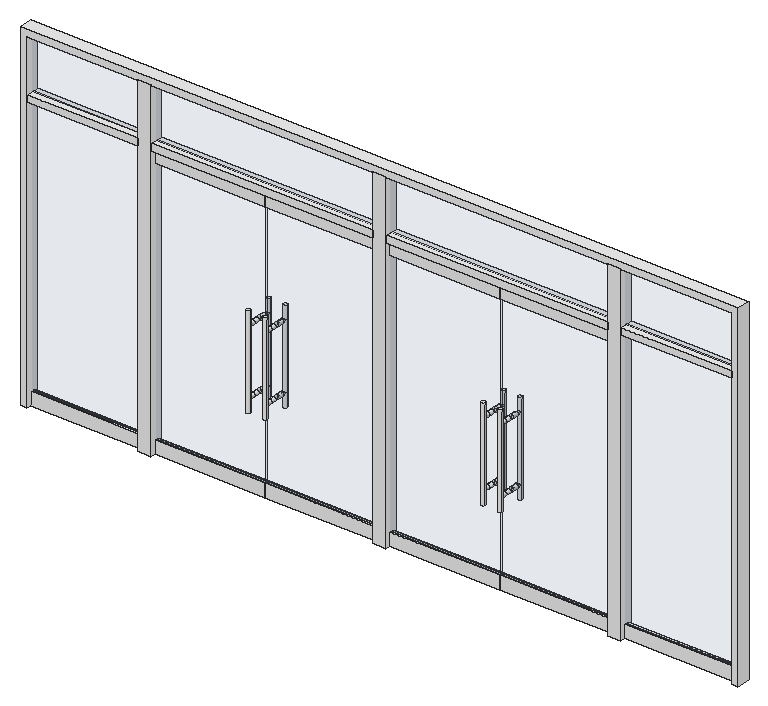
Revit family
Parameters
  프레임 투영 외부. = 25 mm
  프레임 투영 내부. = 25 mm
  프레임 폭 = 75 mm
  Height = 2600 mm
  Wall Closure = (empty or 0)
  Width = 5500 mm
  문 폭 = 1800 mm
  문 두께 = 100 mm
  문 패널 = SSD1 문 패널
  문 높이 = 2100 mm
  문 핸들 = 금속 - 크롬(2)
  문 프레임 = SSD1 문 프레임
Reference planes
  plane 1: y = 0
  plane 2 "중심(왼쪽/오른쪽)": x = 0
  plane 3 "왼쪽": x = -2750
  plane 4 "오른쪽": x = 2750
  plane 5: z = 2600
  plane 6 "외부": y = 75
  plane 7 "내부": y = -75
  plane 8: x = -1800
  plane 9: x = 1800
  plane 10: x = -2700
  plane 11: x = 2700
  plane 12: x = 1750
  plane 13: x = 1850
  plane 14: x = -1850
  plane 15: x = -1750
  plane 16: x = -50
  plane 17: x = 50
  plane 18: y = 50
  plane 19: y = -50
  plane 20: z = 2550
  plane 21: z = 2100
  plane 22: z = 2150
  plane 23: z = 2000
  plane 24: z = 100
  plane 25: y = 6
  plane 26: y = -6
  plane 27: y = 16
  plane 28: y = -16
  plane 29: x = -900
  plane 30: x = 900
  plane 31: x = -965
  plane 32: x = -835
  plane 33: x = 835
  plane 34: x = 965
  plane 35: z = 600
  plane 36: z = 1050
Forms (mm)
  Sweep 1, solid, material "SSD1 문 프레임" <- "문 프레임"
    path origin (0, 75, 0) x (1, 0, 0) y (0, 0, 1)
      loop
        line (2750, 0) -> (2750, 2600) -> (-2750, 2600) -> (-2750, 0)
    profile origin (2750, 75, 1300) x (-1, 0, 0) y (0, -1, 0)
      loop
        line (50, 25) -> (50, 125) -> (0, 125) -> (0, 25) -> (50, 25)
  Extrusion 2, solid, material "SSD1 문 프레임" <- "문 프레임"
    sketch origin (0, 0, 0) x (1, 0, 0) y (0, 1, 0)
      loop
        line (-1850, 50) -> (-1850, -50) -> (-1750, -50) -> (-1750, 50) -> (-1850, 50)
      loop
        line (-50, 50) -> (-50, -50) -> (50, -50) -> (50, 50) -> (-50, 50)
      loop
        line (1750, 50) -> (1750, -50) -> (1850, -50) -> (1850, 50) -> (1750, 50)
    from 0 to 2550
  Extrusion 3, solid, material "SSD1 문 패널" <- "문 패널"
    sketch origin (0, 0, 0) x (1, 0, 0) y (0, 1, 0)
      loop
        line (-2700, 6) -> (-2700, -6) -> (-1850, -6) -> (-1850, 6) -> (-2700, 6)
      loop
        line (1850, 6) -> (1850, -6) -> (2700, -6) -> (2700, 6) -> (1850, 6)
    from 0 to 2100
  Extrusion 4, solid, material "SSD1 문 패널" <- "문 패널"
    sketch origin (0, 0, 0) x (1, 0, 0) y (0, 1, 0)
      loop
        line (-1750, 6) -> (-1750, -6) -> (-900, -6) -> (-900, 6) -> (-1750, 6)
    from 0 to 2100
  Extrusion 5, solid, material "SSD1 문 패널" <- "문 패널"
    sketch origin (0, 0, 0) x (1, 0, 0) y (0, 1, 0)
      loop
        line (-900, 6) -> (-900, -6) -> (-50, -6) -> (-50, 6) -> (-900, 6)
    from 0 to 2100
  Extrusion 6, solid, material "SSD1 문 패널" <- "문 패널"
    sketch origin (0, 0, 0) x (1, 0, 0) y (0, 1, 0)
      loop
        line (50, 6) -> (50, -6) -> (900, -6) -> (900, 6) -> (50, 6)
    from 0 to 2100
  Extrusion 7, solid, material "SSD1 문 패널" <- "문 패널"
    sketch origin (0, 0, 0) x (1, 0, 0) y (0, 1, 0)
      loop
        line (900, 6) -> (900, -6) -> (1750, -6) -> (1750, 6) -> (900, 6)
    from 0 to 2100
  Extrusion 8, solid, material "SSD1 문 프레임" <- "문 프레임"
    sketch origin (0, 0, 0) x (1, 0, 0) y (0, 1, 0)
      loop
        line (-2700, 6) -> (-1850, 6) -> (-1850, 16) -> (-2700, 16) -> (-2700, 6)
      loop
        line (-2700, -16) -> (-1850, -16) -> (-1850, -6) -> (-2700, -6) -> (-2700, -16)
      loop
        line (1850, 6) -> (2700, 6) -> (2700, 16) -> (1850, 16) -> (1850, 6)
      loop
        line (1850, -16) -> (2700, -16) -> (2700, -6) -> (1850, -6) -> (1850, -16)
    from 0 to 100
  Extrusion 9, solid, material "SSD1 문 프레임" <- "문 프레임"
    sketch origin (0, 0, 0) x (1, 0, 0) y (0, 1, 0)
      loop
        line (-1750, -16) -> (-900, -16) -> (-900, -6) -> (-1750, -6) -> (-1750, -16)
      loop
        line (-1750, 6) -> (-900, 6) -> (-900, 16) -> (-1750, 16) -> (-1750, 6)
    from 0 to 100
  Extrusion 10, solid, material "SSD1 문 프레임" <- "문 프레임"
    sketch origin (0, 0, 0) x (1, 0, 0) y (0, 1, 0)
      loop
        line (-900, -16) -> (-50, -16) -> (-50, -6) -> (-900, -6) -> (-900, -16)
      loop
        line (-900, 6) -> (-50, 6) -> (-50, 16) -> (-900, 16) -> (-900, 6)
    from 0 to 100
  Extrusion 11, solid, material "SSD1 문 프레임" <- "문 프레임"
    sketch origin (0, 0, 0) x (1, 0, 0) y (0, 1, 0)
      loop
        line (50, -16) -> (900, -16) -> (900, -6) -> (50, -6) -> (50, -16)
      loop
        line (50, 6) -> (900, 6) -> (900, 16) -> (50, 16) -> (50, 6)
    from 0 to 100
  Extrusion 12, solid, material "SSD1 문 프레임" <- "문 프레임"
    sketch origin (0, 0, 0) x (1, 0, 0) y (0, 1, 0)
      loop
        line (900, -16) -> (1750, -16) -> (1750, -6) -> (900, -6) -> (900, -16)
      loop
        line (900, 6) -> (1750, 6) -> (1750, 16) -> (900, 16) -> (900, 6)
    from 0 to 100
  Extrusion 13, solid, material "SSD1 문 프레임" <- "문 프레임"
    sketch origin (-2581.693, 300, 2000) x (0, 1, 0) y (1, 0, 0)
      loop
        line (-294, 831.693) -> (-284, 831.693) -> (-284, 1681.693) -> (-294, 1681.693) -> (-294, 831.693)
      loop
        line (-316, 831.693) -> (-306, 831.693) -> (-306, 1681.693) -> (-316, 1681.693) -> (-316, 831.693)
    from 0 to -100
  Extrusion 14, solid, material "SSD1 문 프레임" <- "문 프레임"
    sketch origin (-2581.693, 300, 2000) x (0, 1, 0) y (1, 0, 0)
      loop
        line (-294, 1681.693) -> (-284, 1681.693) -> (-284, 2531.693) -> (-294, 2531.693) -> (-294, 1681.693)
      loop
        line (-316, 1681.693) -> (-306, 1681.693) -> (-306, 2531.693) -> (-316, 2531.693) -> (-316, 1681.693)
    from 0 to -100
  Extrusion 15, solid, material "SSD1 문 프레임" <- "문 프레임"
    sketch origin (-2581.693, 300, 2000) x (0, 1, 0) y (1, 0, 0)
      loop
        line (-294, 2631.693) -> (-284, 2631.693) -> (-284, 3481.693) -> (-294, 3481.693) -> (-294, 2631.693)
      loop
        line (-316, 2631.693) -> (-306, 2631.693) -> (-306, 3481.693) -> (-316, 3481.693) -> (-316, 2631.693)
    from 0 to -100
  Extrusion 16, solid, material "SSD1 문 프레임" <- "문 프레임"
    sketch origin (-2581.693, 300, 2000) x (0, 1, 0) y (1, 0, 0)
      loop
        line (-294, 3481.693) -> (-284, 3481.693) -> (-284, 4331.693) -> (-294, 4331.693) -> (-294, 3481.693)
      loop
        line (-316, 3481.693) -> (-306, 3481.693) -> (-306, 4331.693) -> (-316, 4331.693) -> (-316, 3481.693)
    from 0 to -100
  Extrusion 17, solid, material "SSD1 문 패널" <- "문 패널"
    sketch origin (-2581.693, 300, 2100) x (0, 1, 0) y (1, 0, 0)
      loop
        line (-294, -118.307) -> (-294, 731.693) -> (-306, 731.693) -> (-306, -118.307) -> (-294, -118.307)
      loop
        line (-306, 4431.693) -> (-294, 4431.693) -> (-294, 5281.693) -> (-306, 5281.693) -> (-306, 4431.693)
    from -50 to -450
  Extrusion 18, solid, material "SSD1 문 패널" <- "문 패널"
    sketch origin (-2581.693, 300, 2100) x (0, 1, 0) y (1, 0, 0)
      loop
        line (-294, 831.693) -> (-294, 2531.693) -> (-306, 2531.693) -> (-306, 831.693) -> (-294, 831.693)
    from -50 to -450
  Extrusion 19, solid, material "SSD1 문 패널" <- "문 패널"
    sketch origin (-2581.693, 300, 2100) x (0, 1, 0) y (1, 0, 0)
      loop
        line (-294, 2631.693) -> (-294, 4331.693) -> (-306, 4331.693) -> (-306, 2631.693) -> (-294, 2631.693)
    from -50 to -450
  Extrusion 20, solid, material "SSD1 문 프레임" <- "문 프레임"
    sketch origin (-2581.693, 300, 2100) x (0, 1, 0) y (1, 0, 0)
      loop
        line (-250, -118.307) -> (-250, 731.693) -> (-350, 731.693) -> (-350, -118.307) -> (-250, -118.307)
      loop
        line (-350, 4431.693) -> (-250, 4431.693) -> (-250, 5281.693) -> (-350, 5281.693) -> (-350, 4431.693)
    from 0 to -50
  Extrusion 21, solid, material "SSD1 문 프레임" <- "문 프레임"
    sketch origin (-2581.693, 300, 2100) x (0, 1, 0) y (1, 0, 0)
      loop
        line (-250, 831.693) -> (-250, 2531.693) -> (-350, 2531.693) -> (-350, 831.693) -> (-250, 831.693)
      loop
        line (-350, 2631.693) -> (-250, 2631.693) -> (-250, 4331.693) -> (-350, 4331.693) -> (-350, 2631.693)
    from 0 to -50
Lines and regions (mm)
  Opening 1
    outline origin (-3050, -75, 0) x (1, 0, 0) y (0, 0, 1)
      loop
        line (300, 0) -> (5800, 0) -> (5800, 2600) -> (300, 2600) -> (300, 0)
  symbolic lines, style "평면 스윙"
    curve 1: line (-1750, 0, 2100) -> (-1750, 850, 2100)
    curve 2: line (-1750, 850, 2100) -> (-1718, 850, 2100)
    curve 3: line (-1718, 850, 2100) -> (-1718, 0, 2100)
    curve 4: line (-1750, 0, 2100) -> (-1750, -850, 2100)
    curve 5: line (-1750, -850, 2100) -> (-1718, -850, 2100)
    curve 6: line (-1718, -850, 2100) -> (-1718, 0, 2100)
    curve 7: line (-50, 0, 2100) -> (-50, 850, 2100)
    curve 8: line (-50, 850, 2100) -> (-82, 850, 2100)
    curve 9: line (-82, 850, 2100) -> (-82, 0, 2100)
    curve 10: line (-50, 0, 2100) -> (-50, -850, 2100)
    curve 11: line (-50, -850, 2100) -> (-82, -850, 2100)
    curve 12: line (-82, -850, 2100) -> (-82, 0, 2100)
    curve 13: arc (-1718, 850, 2100) -> (-1137.541, 590.004, 2100) -> (-900, 0, 2100) r 850
    curve 14: arc (-900, 0, 2100) -> (-662.459, 590.004, 2100) -> (-82, 850, 2100) r 850
    curve 15: arc (-1718, -850, 2100) -> (-1137.541, -590.004, 2100) -> (-900, 0, 2100) r 850
    curve 16: arc (-82, -850, 2100) -> (-662.459, -590.004, 2100) -> (-900, 0, 2100) r 850
    curve 17: line (50, 0, 2100) -> (50, 850, 2100)
    curve 18: line (50, 850, 2100) -> (82, 850, 2100)
    curve 19: line (82, 850, 2100) -> (82, 0, 2100)
    curve 20: line (82, 0, 2100) -> (82, -850, 2100)
    curve 21: line (82, -850, 2100) -> (50, -850, 2100)
    curve 22: line (50, -850, 2100) -> (50, 0, 2100)
    curve 23: line (1750, 0, 2100) -> (1750, 850, 2100)
    curve 24: line (1750, 850, 2100) -> (1718, 850, 2100)
    curve 25: line (1718, 850, 2100) -> (1718, 0, 2100)
    curve 26: line (1718, 0, 2100) -> (1718, -850, 2100)
    curve 27: line (1718, -850, 2100) -> (1750, -850, 2100)
    curve 28: line (1750, -850, 2100) -> (1750, 0, 2100)
    curve 29: arc (82, 850, 2100) -> (662.459, 590.004, 2100) -> (900, 0, 2100) r 850
    curve 30: arc (900, 0, 2100) -> (1137.541, 590.004, 2100) -> (1718, 850, 2100) r 850
    curve 31: arc (82, -850, 2100) -> (662.459, -590.004, 2100) -> (900, 0, 2100) r 850
    curve 32: arc (1718, -850, 2100) -> (1137.541, -590.004, 2100) -> (900, 0, 2100) r 850
  symbolic lines, style "입면도 스윙"
    curve 33: line (900, 75, 2100) -> (1750, 75, 1050)
    curve 34: line (1750, 75, 1050) -> (900, 75, 0)
    curve 35: line (900, 75, 0) -> (50, 75, 1050)
    curve 36: line (50, 75, 1050) -> (900, 75, 2100)
    curve 37: line (-900, 75, 2100) -> (-50, 75, 1050)
    curve 38: line (-50, 75, 1050) -> (-900, 75, 0)
    curve 39: line (-900, 75, 0) -> (-1750, 75, 1050)
    curve 40: line (-1750, 75, 1050) -> (-900, 75, 2100)
  symbolic lines
    curve 41: line (-2750, 50, 2100) -> (-1750, 50, 2100)
    curve 42: line (-2750, -50, 2100) -> (-2750, 50, 2100)
    curve 43: line (-1750, -50, 2100) -> (-2750, -50, 2100)
    curve 44: line (-1750, 50, 2100) -> (-1750, -50, 2100)
    curve 45: line (-2750, 0, 2100) -> (-1750, 0, 2100)
    curve 46: line (1750, 50, 2100) -> (2750, 50, 2100)
    curve 47: line (1750, -50, 2100) -> (1750, 50, 2100)
    curve 48: line (2750, -50, 2100) -> (1750, -50, 2100)
    curve 49: line (2750, 50, 2100) -> (2750, -50, 2100)
    curve 50: line (2750, 0, 2100) -> (1750, 0, 2100)
Text (mm)
  text "외부" at (-2295.016, 1099.543, 0), in view "참조 레벨"
  text "외부" at (0, 1615.38, 3698.081), in view "왼쪽"
  text "외부" at (0, 1036.032, 3874.932), in view "오른쪽"
Dimensions and locks
  equal spacing: plane 3 "왼쪽", plane 2 "중심(왼쪽/오른쪽)", plane 4 "오른쪽"
  "Width": plane 3 "왼쪽" to plane 4 "오른쪽"
  "Height": plane 5 to host wall
  "문 높이": host wall to plane 21
  host wall to plane 5 = 2600 mm
  locked: plane 6 "외부" to host wall at 0
  locked: plane 7 "내부" to host wall
  "문 폭": plane 8 to plane 2 "중심(왼쪽/오른쪽)"
  "문 폭": plane 2 "중심(왼쪽/오른쪽)" to plane 9
  locked: plane 3 "왼쪽" to plane 10 at 50
  plane 14 to plane 8 to plane 15 = 50 mm locked, 50 mm locked
  plane 16 to plane 2 "중심(왼쪽/오른쪽)" to plane 17 = 50 mm locked, 50 mm locked
  plane 12 to plane 9 to plane 13 = 50 mm locked, 50 mm locked
  locked: plane 11 to plane 4 "오른쪽" at 50
  locked: plane 20 to plane 5 at 50
  locked: plane 21 to plane 22 at 50
  locked: plane 23 to plane 21 at 100
  locked: level to plane 24 at 100
  plane 25 to host wall to plane 26 = 6 mm locked, 6 mm locked
  locked: plane 26 to plane 28 at 10
  locked: plane 27 to plane 25 at 10
  equal spacing: plane 15, plane 29, plane 16
  equal spacing: plane 17, plane 30, plane 12
  locked: Extrusion 8 to plane 35 at 600
  plane 31 to plane 29 to plane 32 = 65 mm locked, 65 mm locked
  plane 33 to plane 30 to plane 34 = 65 mm locked, 65 mm locked
  locked: curve 12 to curve 10 at 32
  locked: curve 22 to curve 20 at 32
  locked: curve 26 to curve 28 at 32
  locked: curve 4 to curve 6 at 32
  locked: level to plane 36 at 1050
  equal spacing: plane 7 "내부", plane 1, plane 6 "외부"
  equal spacing: plane 18, plane 1, plane 19
  "문 두께": plane 18 to plane 19
  aligned and locked: plane 3 "왼쪽" to Opening 1 sketch curve
  aligned and locked: plane 5 to Opening 1 sketch curve  (x2)
  aligned and locked: Opening 1 sketch curve to plane 4 "오른쪽"
  aligned and locked: Opening 1 sketch curve to level
  aligned and locked: host wall to plane 1
  aligned and locked: Sweep 1 sketch curve to plane 3 "왼쪽"
  aligned and locked: plane 5 to Sweep 1 sketch curve
  aligned and locked: plane 4 "오른쪽" to Sweep 1 sketch curve
  aligned and locked: plane 11 to Sweep 1 sketch curve
  aligned and locked: host wall to Sweep 1 sketch curve
  aligned and locked: Sweep 1 sketch curve to plane 18
  aligned and locked: plane 19 to Sweep 1 sketch curve
  aligned and locked: plane 14 to Extrusion 2 sketch curve
  aligned and locked: Extrusion 2 sketch curve to plane 18  (x3)
  aligned and locked: plane 19 to Extrusion 2 sketch curve  (x3)
  aligned and locked: plane 15 to Extrusion 2 sketch curve
  aligned and locked: plane 16 to Extrusion 2 sketch curve
  aligned and locked: Extrusion 2 sketch curve to plane 17
  aligned and locked: plane 12 to Extrusion 2 sketch curve
  aligned and locked: plane 13 to Extrusion 2 sketch curve
  aligned and locked: plane 20 to Sweep 1
  aligned and locked: Extrusion 2 to plane 20
  aligned and locked: plane 10 to Extrusion 3 sketch curve
  aligned and locked: Extrusion 3 sketch curve to plane 25  (x2)
  aligned and locked: plane 26 to Extrusion 3 sketch curve  (x2)
  aligned and locked: plane 14 to Extrusion 3 sketch curve
  aligned and locked: plane 13 to Extrusion 3 sketch curve
  aligned and locked: plane 11 to Extrusion 3 sketch curve
  aligned and locked: plane 15 to Extrusion 4 sketch curve
  aligned and locked: Extrusion 4 sketch curve to plane 25
  aligned and locked: plane 26 to Extrusion 4 sketch curve
  aligned and locked: plane 29 to Extrusion 4 sketch curve
  aligned and locked: Extrusion 4 to Extrusion 5 sketch curve
  aligned and locked: Extrusion 5 sketch curve to Extrusion 4
  aligned and locked: plane 26 to Extrusion 5 sketch curve
  aligned and locked: Extrusion 5 sketch curve to plane 16
  aligned and locked: plane 17 to Extrusion 6 sketch curve
  aligned and locked: Extrusion 6 sketch curve to plane 25
  aligned and locked: plane 26 to Extrusion 6 sketch curve
  aligned and locked: Extrusion 6 sketch curve to plane 30
  aligned and locked: Extrusion 6 to Extrusion 7 sketch curve
  aligned and locked: Extrusion 7 sketch curve to Extrusion 6
  aligned and locked: plane 26 to Extrusion 7 sketch curve
  aligned and locked: plane 12 to Extrusion 7 sketch curve
  aligned and locked: Extrusion 8 sketch curve to Extrusion 3  (x6)
  aligned and locked: plane 27 to Extrusion 8 sketch curve  (x2)
  aligned and locked: Extrusion 8 sketch curve to plane 14
  aligned and locked: plane 10 to Extrusion 8 sketch curve
  aligned and locked: Extrusion 8 sketch curve to plane 28
  aligned and locked: Extrusion 3 to Extrusion 8 sketch curve  (x2)
  aligned and locked: Extrusion 8 sketch curve to plane 11
  aligned and locked: plane 13 to Extrusion 8 sketch curve
  aligned and locked: Extrusion 3 to plane 21
  aligned and locked: plane 24 to Extrusion 8
  aligned and locked: Extrusion 7 to plane 21
  aligned and locked: Extrusion 6 to plane 21
  aligned and locked: Extrusion 5 to plane 21
  aligned and locked: Extrusion 4 to plane 21
  aligned and locked: plane 15 to Extrusion 9 sketch curve
  aligned and locked: Extrusion 9 sketch curve to plane 28
  aligned and locked: Extrusion 4 to Extrusion 9 sketch curve
  aligned and locked: Extrusion 9 sketch curve to Extrusion 4  (x3)
  aligned and locked: plane 27 to Extrusion 9 sketch curve
  aligned and locked: Extrusion 9 sketch curve to plane 29
  aligned and locked: Extrusion 10 sketch curve to Extrusion 9
  aligned and locked: Extrusion 9 to Extrusion 10 sketch curve
  aligned and locked: Extrusion 5 to Extrusion 10 sketch curve
  aligned and locked: Extrusion 10 sketch curve to Extrusion 5  (x2)
  aligned and locked: Extrusion 4 to Extrusion 10 sketch curve
  aligned and locked: plane 27 to Extrusion 10 sketch curve
  aligned and locked: plane 16 to Extrusion 10 sketch curve
  aligned and locked: plane 17 to Extrusion 11 sketch curve
  aligned and locked: Extrusion 11 sketch curve to plane 28
  aligned and locked: Extrusion 11 sketch curve to Extrusion 7
  aligned and locked: Extrusion 11 sketch curve to Extrusion 6  (x3)
  aligned and locked: plane 27 to Extrusion 11 sketch curve
  aligned and locked: plane 30 to Extrusion 11 sketch curve
  aligned and locked: Extrusion 12 sketch curve to Extrusion 11
  aligned and locked: Extrusion 11 to Extrusion 12 sketch curve
  aligned and locked: Extrusion 7 to Extrusion 12 sketch curve
  aligned and locked: Extrusion 12 sketch curve to Extrusion 7
  aligned and locked: Extrusion 6 to Extrusion 12 sketch curve
  aligned and locked: Extrusion 12 sketch curve to Extrusion 6
  aligned and locked: plane 27 to Extrusion 12 sketch curve
  aligned and locked: Extrusion 12 sketch curve to plane 12
  aligned and locked: plane 24 to Extrusion 12
  aligned and locked: plane 24 to Extrusion 11
  aligned and locked: plane 24 to Extrusion 10
  aligned and locked: plane 24 to Extrusion 9
  aligned and locked: Extrusion 4 to Extrusion 13 sketch curve
  aligned and locked: Extrusion 13 sketch curve to Extrusion 4  (x2)
  aligned and locked: Extrusion 13 sketch curve to Extrusion 9  (x3)
  aligned and locked: Extrusion 9 to Extrusion 13 sketch curve
  aligned and locked: Extrusion 5 to Extrusion 13 sketch curve
  aligned and locked: Extrusion 14 sketch curve to Extrusion 4
  aligned and locked: Extrusion 4 to Extrusion 14 sketch curve
  aligned and locked: Extrusion 14 sketch curve to Extrusion 10  (x2)
  aligned and locked: Extrusion 14 sketch curve to Extrusion 9
  aligned and locked: Extrusion 9 to Extrusion 14 sketch curve
  aligned and locked: Extrusion 14 sketch curve to Extrusion 5  (x2)
  aligned and locked: Extrusion 6 to Extrusion 15 sketch curve
  aligned and locked: Extrusion 15 sketch curve to Extrusion 6  (x2)
  aligned and locked: Extrusion 15 sketch curve to Extrusion 11  (x3)
  aligned and locked: Extrusion 11 to Extrusion 15 sketch curve
  aligned and locked: Extrusion 7 to Extrusion 15 sketch curve
  aligned and locked: Extrusion 16 sketch curve to Extrusion 6
  aligned and locked: Extrusion 6 to Extrusion 16 sketch curve
  aligned and locked: Extrusion 16 sketch curve to Extrusion 12  (x3)
  aligned and locked: Extrusion 16 sketch curve to Extrusion 11
  aligned and locked: Extrusion 16 sketch curve to Extrusion 7  (x2)
  aligned and locked: Extrusion 16 to plane 21
  aligned and locked: Extrusion 15 to plane 21
  aligned and locked: Extrusion 14 to plane 21
  aligned and locked: Extrusion 13 to plane 21
  aligned and locked: Extrusion 3 to Extrusion 17 sketch curve  (x2)
  aligned and locked: Extrusion 17 sketch curve to Extrusion 3  (x5)
  aligned and locked: Extrusion 17 sketch curve to Extrusion 8
  aligned and locked: Extrusion 18 sketch curve to Extrusion 4
  aligned and locked: Extrusion 18 sketch curve to Extrusion 3
  aligned and locked: Extrusion 18 sketch curve to plane 15
  aligned and locked: Extrusion 6 to Extrusion 19 sketch curve
  aligned and locked: Extrusion 19 sketch curve to Extrusion 7
  aligned and locked: Extrusion 19 sketch curve to Extrusion 12
  aligned and locked: Extrusion 17 to Sweep 1
  aligned and locked: plane 22 to Extrusion 17
  aligned and locked: Extrusion 19 to Sweep 1
  aligned and locked: plane 22 to Extrusion 19
  aligned and locked: Extrusion 18 to Sweep 1
  aligned and locked: plane 22 to Extrusion 18
  aligned and locked: Extrusion 20 sketch curve to Sweep 1  (x2)
  aligned and locked: plane 18 to Extrusion 20 sketch curve  (x2)
  aligned and locked: Extrusion 2 to Extrusion 20 sketch curve  (x2)
  aligned and locked: Extrusion 20 sketch curve to Extrusion 2  (x2)
  aligned and locked: Extrusion 21 sketch curve to Extrusion 2  (x5)
  aligned and locked: Extrusion 2 to Extrusion 21 sketch curve  (x3)
  aligned and locked: Extrusion 20 to plane 22
  aligned and locked: Extrusion 21 to plane 22
  aligned and locked: Extrusion 9 to nested 1
  aligned and locked: Extrusion 10 to nested 2
  aligned and locked: nested 2 to plane 32
  aligned and locked: nested 1 to plane 31
  aligned and locked: nested 3 to Extrusion 9
  aligned and locked: nested 4 to Extrusion 10
  aligned and locked: plane 32 to nested 4
  aligned and locked: plane 31 to nested 3
  aligned and locked: nested 5 to Extrusion 12
  aligned and locked: nested 6 to Extrusion 11
  aligned and locked: nested 8 to plane 33
  aligned and locked: Extrusion 11 to nested 8
  aligned and locked: Extrusion 12 to nested 7
  aligned and locked: nested 7 to plane 34
  aligned and locked: plane 33 to nested 6
  aligned and locked: plane 34 to nested 5
  aligned and locked: nested 7 to plane 35
  aligned and locked: nested 8 to plane 35
  aligned and locked: plane 35 to nested 4
  aligned and locked: plane 35 to nested 3
  aligned and locked: plane 35 to nested 5
  aligned and locked: plane 35 to nested 6
  aligned and locked: nested 2 to plane 35
  aligned and locked: nested 1 to plane 35
  aligned and locked: Extrusion 18 sketch curve to plane 16
  aligned and locked: plane 17 to Extrusion 19 sketch curve
  aligned and locked: Sweep 1 to curve 41
  aligned and locked: curve 41 to Sweep 1
  aligned and locked: curve 44 to Extrusion 2
  aligned and locked: curve 44 to curve 4
  aligned and locked: curve 45 to host wall
  aligned and locked: curve 23 to curve 46
  aligned and locked: curve 46 to Extrusion 2
  aligned and locked: curve 49 to Sweep 1  (x2)
  aligned and locked: plane 1 to curve 50
Automatic sketch dimensions
  Sweep 1 sketch curve to level = 0 mm  (x2)
  Extrusion 8 sketch curve to plane 28 = 0 mm
  Extrusion 8 sketch curve to plane 27 = 0 mm
  Extrusion 17 sketch curve to plane 25 = 0 mm
  curve 40 to plane 15 = 0 mm
  curve 37 to plane 21 = 0 mm
  curve 37 to plane 29 = 0 mm
  curve 39 to level = 0 mm
  curve 39 to plane 29 = 0 mm
  curve 38 to plane 16 = 0 mm
  curve 35 to plane 17 = 0 mm
  curve 36 to plane 21 = 0 mm
  curve 36 to plane 30 = 0 mm
  curve 35 to level = 0 mm
  curve 35 to plane 30 = 0 mm
  curve 33 to plane 12 = 0 mm
  curve 35 to plane 36 = 0 mm
  curve 39 to plane 36 = 0 mm
  curve 33 to plane 36 = 0 mm
  curve 37 to plane 36 = 0 mm
  curve 22 to plane 17 = 0 mm
  curve 4 to plane 15 = 0 mm
  curve 11 to plane 16 = 0 mm
  curve 15 to host wall = 0 mm
  curve 17 to host wall = 0 mm
  curve 7 to host wall = 0 mm
  curve 31 to host wall = 0 mm
  curve 6 to host wall = 0 mm
  curve 19 to host wall = 0 mm
  curve 12 to host wall = 0 mm
  curve 25 to host wall = 0 mm
  curve 50 to plane 12 = 0 mm
  curve 32 to plane 30 = 0 mm
  curve 13 to plane 29 = 0 mm
  host wall to curve 10 = 775 mm
  host wall to curve 28 = 775 mm
  host wall to curve 15 = 775 mm
  curve 31 to curve 10 = 0 mm
  plane 12 to curve 32 = 0 mm
  plane 17 to curve 31 = 0 mm
  curve 15 to plane 15 = 0 mm
  curve 16 to plane 16 = 0 mm
  plane 17 to curve 29 = 0 mm
  curve 13 to plane 15 = 0 mm
  curve 14 to plane 16 = 0 mm
  plane 12 to curve 30 = 0 mm
Nested families
  nested 1: "KO_문 손잡이 유형3" at (-965, -16, 100), type "핸들 유형3 03 길이700"
  nested 2: "KO_문 손잡이 유형3" at (-835, -16, 100), type "핸들 유형3 03 길이700"
  nested 3: "KO_문 손잡이 유형3" at (-965, 16, 100), type "핸들 유형3 03 길이700"
  nested 4: "KO_문 손잡이 유형3" at (-835, 16, 100), type "핸들 유형3 03 길이700"
  nested 5: "KO_문 손잡이 유형3" at (965, -16, 100) x (-1, 0, 0) z (0, 0, 1), type "핸들 유형3 03 길이700"
  nested 6: "KO_문 손잡이 유형3" at (835, -16, 100) x (-1, 0, 0) z (0, 0, 1), type "핸들 유형3 03 길이700"
  nested 7: "KO_문 손잡이 유형3" at (965, 16, 100) x (-1, 0, 0) z (0, 0, 1), type "핸들 유형3 03 길이700"
  nested 8: "KO_문 손잡이 유형3" at (835, 16, 100) x (-1, 0, 0) z (0, 0, 1), type "핸들 유형3 03 길이700"
Definition of nested family "KO_문 손잡이 유형3"
  Parameters (values of type "핸들 유형3 01 길이600")
    링크 점 = 100 mm
    링크 재료 = 금속 - 크롬(2)
    핸들 재료 = 금속 - 크롬(2)
    핸들 깊이 = 80 mm
    링크 두께 = 10 mm
    핸들 반지름 = 17.5 mm
    기둥 점 = 500 mm
    핸들 길이 = 600 mm
    Assembly Code = ""
  Types (3, lengths in mm): name | 핸들 반지름 | 핸들 길이
    핸들 유형3 01 길이600 | 17.5 | 600
    핸들 유형3 02 길이650 | 15 | 650
    핸들 유형3 03 길이700 | 15 | 700
  Reference planes
    plane 1 "중심(앞/뒤)": y = 0
    plane 2: z = 0
    plane 3 "중심(왼쪽/오른쪽)": x = 0
    plane 4 "하드웨어": z = 500
    plane 5: z = 1100
  Forms (mm)
    Sweep 1, solid, material "금속 - 크롬(2)" <- "핸들 재료"
      path origin (0, 0, 0) x (0, 1, 0) y (0, 0, 1)
        loop
          line (-80, 1100) -> (-80, 500)
      profile origin (0, 0, 800) x (1, 0, 0) y (0, 1, 0)
        loop
          circle (0, -80) r 17.5
    Revolve 2, solid, material "금속 - 크롬(2)" <- "링크 재료"
      sketch origin (0, 0, 0) x (0, 1, 0) y (0, 0, 1)
        loop
          line (-80, 1000) -> (0, 1000) -> (0, 1015) -> (-40, 1015) -> (-80, 1007.081) -> (-80, 1000)
        axis (-80, 1000) -> (0, 1000)
      angle from 0 to 360
    Revolve 3, solid, material "금속 - 크롬(2)" <- "링크 재료"
      sketch origin (0, 0, 0) x (0, 1, 0) y (0, 0, 1)
        loop
          line (0, 600) -> (0, 615) -> (-40, 615) -> (-80, 607.081) -> (-80, 600) -> (0, 600)
        axis (-80, 600) -> (0, 600)
      angle from 0 to 360
  Dimensions and locks
    "기둥 점": plane 4 "하드웨어" to plane 2
    "핸들 길이": plane 5 to plane 4 "하드웨어"
    "핸들 깊이": Sweep 1 sketch curve to plane 1 "중심(앞/뒤)"
    locked: Revolve 2 sketch curve to Revolve 2 sketch curve at 15
    locked: Revolve 2 sketch curve to Revolve 2 sketch curve at 7.081
    "링크 점": Revolve 2 sketch curve to Sweep 1
    locked: Revolve 3 sketch curve to Revolve 3 sketch curve at 7.081
    locked: Revolve 3 sketch curve to Revolve 3 sketch curve at 15
    "링크 점": plane 4 "하드웨어" to Revolve 3 sketch curve
    equal spacing: Revolve 2 sketch curve, Revolve 2 sketch curve, Revolve 2 sketch curve
    equal spacing: Revolve 3 sketch curve, Revolve 3 sketch curve, Revolve 3 sketch curve
    "핸들 반지름": radius of Sweep 1 sketch curve
    aligned and locked: plane 4 "하드웨어" to Sweep 1 sketch curve
    aligned and locked: plane 5 to Sweep 1 sketch curve
    aligned and locked: Sweep 1 to Revolve 2 sketch curve  (x2)
    aligned and locked: Sweep 1 to Revolve 3 sketch curve
    aligned and locked: Revolve 3 sketch curve to plane 1 "중심(앞/뒤)"
  Automatic sketch dimensions
    Sweep 1 sketch curve to plane 3 "중심(왼쪽/오른쪽)" = 0 mm
    Sweep 1 sketch curve to profile plane = 0 mm
    Revolve 2 sketch curve to Revolve 2 sketch curve = 0 mm  (x2)
    Revolve 2 sketch curve to plane 1 "중심(앞/뒤)" = 70 mm
    Revolve 3 sketch curve to Revolve 3 sketch curve = 0 mm  (x2)
    Revolve 3 sketch curve to Revolve 3 sketch curve = 39.243 mm
    Revolve 2 sketch curve to plane 1 "중심(앞/뒤)" = 0 mm
